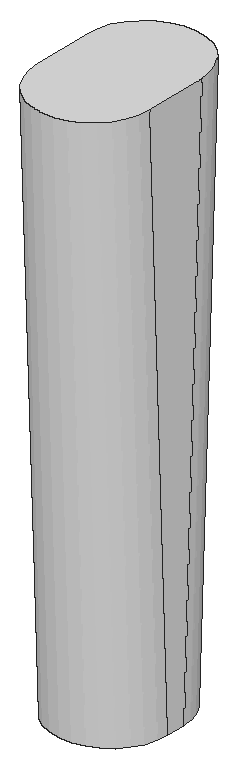
Revit family "Pilar_Con_Oval_Simet", category Structural Columns, Revit 2020
Family settings
  Display in Hidden Views = Edges Hidden by Other Members
  Section Shape = Not Defined
  Material for Model Behavior = Concrete
  Always export as geometry = No
  Beam cutback in plan = From geometry
  OmniClass Number = 23.25.30.11.14.11
  OmniClass Title = Columns
  Cut with Voids When Loaded = No
  Symbolic Representation = From Family
  Shared = No
  Show family pre-cut in plan views = Yes
Parameters (values of type "PIL_050_BLC_CON_OSI")
  b = 500 mm
  Structural Material [instance] = CT_Asfaltos
  Deslocamento_do_Eixo [instance] = 350 mm
Reference planes
  plane 1 "Center (Front/Back)": y = 0
  plane 2: z = 0
  plane 3 "Center (Left/Right)": x = 0
  plane 4: x = -250
  plane 5: x = 250
  plane 6: y = -350
Forms (mm)
  Blend 1, solid, material "CT_Asfaltos" <- "Structural Material"
    base sketch origin (0, 0, 0) x (1, 0, 0) y (0, 1, 0)
      loop
        line (-250, 41.51) -> (-250, -41.51)
        arc (-250, -41.51) -> (0, -291.51) -> (250, -41.51) r 250
        line (250, -41.51) -> (250, 41.51)
        arc (250, 41.51) -> (0, 291.51) -> (-250, 41.51) r 250
    top sketch origin (0, 0, 0) x (1, 0, 0) y (0, 1, 0)
      loop
        arc (250, 140.386) -> (0, 390.386) -> (-250, 140.386) r 250
        line (-250, 140.386) -> (-250, -140.386)
        arc (-250, -140.386) -> (0, -390.386) -> (250, -140.386) r 250
        line (250, -140.386) -> (250, 140.386)
    from 0 to 2500
Dimensions and locks
  equal spacing: plane 4, plane 3 "Center (Left/Right)", plane 5
  "b": plane 4 to plane 5
  "Deslocamento_do_Eixo": plane 6 to plane 1 "Center (Front/Back)"
  aligned and locked: level to plane 2
  aligned and locked: level to Blend 1
Automatic sketch dimensions
  Blend 1 sketch curve to plane 4 = 0 mm  (x2)
  Blend 1 sketch curve to plane 3 "Center (Left/Right)" = 0 mm  (x2)
  plane 1 "Center (Front/Back)" to Blend 1 sketch curve = 41.51 mm
  Blend 1 sketch curve to plane 1 "Center (Front/Back)" = 41.51 mm
  plane 1 "Center (Front/Back)" to Blend 1 sketch curve = 140.386 mm
  Blend 1 sketch curve to plane 1 "Center (Front/Back)" = 140.386 mm
